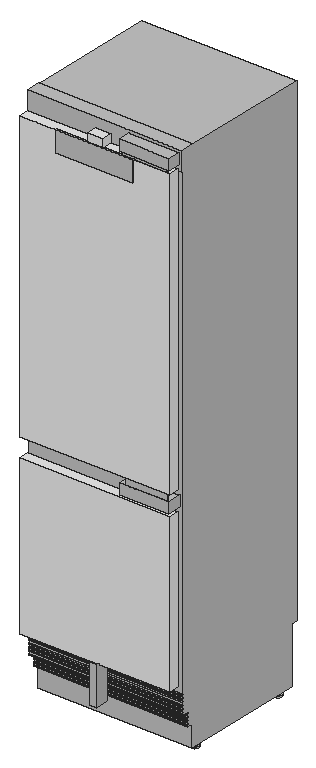
Revit family "FP_Revit_18_RS6121WRUK1_Fridge_90001108A", category Specialty Equipment, Revit 2018 (continued)
Definition of nested family "Handle Contemporary Square - Horizontal"
  Types (7, lengths in mm): name | Handle - Length
    AHD3RS3272A - Contemporary square handle (2 of 2) (Horizontal) 646mm | 646
    AHD3RS80A - Contemporary square handle (2 of 2) (Horizontal) 646mm | 646
    AHD3RD6121W - Contemporary square handle (2 of 2) (Horizontal) 494mm | 494
    AHD3RD7621W - Contemporary square handle (2 of 2) (Horizontal) 646mm | 646
  Reference planes
    plane 1 "Center (Front/Back)": y = 0
    plane 2: z = 0
    plane 3 "Center (Left/Right)": x = 0
    plane 4 "Product LHS": x = -323
    plane 5 "Product RHS": x = 323
    plane 6 "LHS Standoff": x = -202.995
    plane 7 "RHS Standoff": x = 203.005
  Forms (mm)
    Extrusion 1, solid, material <- "Material - Handle", detail levels fine
      sketch origin (0, 0, 0) x (0, 1, 0) y (0, 0, 1)
        loop
          arc (-28.701, 7.561) -> (-29.057, 7.868) -> (-29.514, 7.978) r 1
          line (-29.514, 7.978) -> (-40.5, 7.978)
          arc (-40.5, 7.978) -> (-41.561, 7.539) -> (-42, 6.478) r 1.5
          line (-42, 6.478) -> (-42, -6.522)
          arc (-42, -6.522) -> (-41.561, -7.583) -> (-40.5, -8.022) r 1.5
          line (-40.5, -8.022) -> (-29.487, -8.022)
          arc (-29.487, -8.022) -> (-29.029, -7.911) -> (-28.673, -7.602) r 1
          arc (-28.673, -7.602) -> (-26.256, -0.016) -> (-28.701, 7.561) r 13.038
      from -323 to 323
    Extrusion 2, solid, material <- "Material - Handle", detail levels fine
      sketch origin (0, 0, 0) x (0, 1, 0) y (0, 0, 1)
        loop
          arc (-28.23, 7.062) -> (-26.156, 0.008) -> (-28.198, -7.056) r 13.136
          arc (-28.198, -7.056) -> (-28.21, -7.463) -> (-27.86, -7.67) r 0.4
          line (-27.86, -7.67) -> (0, -7.67) -> (0, 7.678) -> (-27.893, 7.678)
          arc (-27.893, 7.678) -> (-28.244, 7.47) -> (-28.23, 7.062) r 0.4
      from 203.005 to 323
    Extrusion 3, solid, material <- "Material - Handle", detail levels fine
      sketch origin (0, 0, 0) x (0, 1, 0) y (0, 0, -1)
        loop
          arc (-28.23, -7.062) -> (-28.244, -7.47) -> (-27.893, -7.678) r 0.4
          line (-27.893, -7.678) -> (0, -7.678) -> (0, 7.67) -> (-27.86, 7.67)
          arc (-27.86, 7.67) -> (-28.21, 7.463) -> (-28.198, 7.056) r 0.4
          arc (-28.198, 7.056) -> (-26.156, -0.008) -> (-28.23, -7.062) r 13.136
      from 202.995 to 323
    Sweep 4, void
      path in 3D
        loop
          line (323, -29.514, 7.978) -> (323, -40.5, 7.978)
          arc (323, -40.5, 7.978) -> (323, -41.561, 7.539) -> (323, -42, 6.478) r 1.5
          line (323, -42, 6.478) -> (323, -42, -6.522)
          arc (323, -42, -6.522) -> (323, -41.561, -7.583) -> (323, -40.5, -8.022) r 1.5
          line (323, -40.5, -8.022) -> (323, -29.487, -8.022)
      profile origin (323, -35.007, 7.978) x (1, 0, 0) y (0, 0, 1)
        loop
          line (0, 0) -> (-1.3, 0) -> (0, -1.3) -> (0, 0)
    Sweep 5, void
      path in 3D
        loop
          line (-323, -29.487, -8.022) -> (-323, -40.5, -8.022)
          arc (-323, -40.5, -8.022) -> (-323, -41.561, -7.583) -> (-323, -42, -6.522) r 1.5
          line (-323, -42, -6.522) -> (-323, -42, 6.478)
          arc (-323, -42, 6.478) -> (-323, -41.561, 7.539) -> (-323, -40.5, 7.978) r 1.5
          line (-323, -40.5, 7.978) -> (-323, -29.514, 7.978)
      profile origin (-323, -35.007, 7.978) x (-1, 0, 0) y (0, 0, 1)
        loop
          line (0, 0) -> (-1.3, 0) -> (0, -1.3) -> (0, 0)
    Extrusion 6, void
      sketch origin (0, 0, 0) x (1, 0, 0) y (0, 0, 1)
        loop
          line (323, 7.978) -> (321.7, 7.978) -> (323, 6.678) -> (323, 7.978)
        loop
          line (323, -8.022) -> (323, -6.722) -> (321.7, -8.022) -> (323, -8.022)
      from 0 to 40
    Extrusion 7, void
      sketch origin (0, 0, 0) x (1, 0, 0) y (0, 0, 1)
        loop
          line (-323, 7.978) -> (-323, 6.678) -> (-321.7, 7.978) -> (-323, 7.978)
        loop
          line (-323, -8.022) -> (-321.7, -8.022) -> (-323, -6.722) -> (-323, -8.022)
      from 0 to 40
    Extrusion 8, solid, material <- "Material - Handle", detail levels coarse+medium
      sketch origin (0, 0, 0) x (1, 0, 0) y (0, 1, 0)
        loop
          line (-323, -42) -> (323, -42) -> (323, 0) -> (203.005, 0) -> (203.005, -26.156) -> (-202.995, -26.156) -> (-202.995, 0) -> (-323, 0) -> (-323, -42)
      from -8.022 to 7.978
  Cuts and joins
    Sweep 4, Sweep 5, Extrusion 6, Extrusion 7 cuts Extrusion 1
    Extrusion 6 cuts Extrusion 2
    Extrusion 7 cuts Extrusion 3
  Lines and regions (mm)
    sketch lines
      curve 1: line (323, -29.514, 7.978) -> (323, -40.5, 7.978)
      curve 2: arc (323, -42, 6.478) -> (323, -41.561, 7.539) -> (323, -40.5, 7.978) r 1.5
      curve 3: line (323, -42, 6.478) -> (323, -42, -6.522)
      curve 4: arc (323, -40.5, -8.022) -> (323, -41.561, -7.583) -> (323, -42, -6.522) r 1.5
      curve 5: line (323, -40.5, -8.022) -> (323, -29.487, -8.022)
      curve 6: line (-323, -40.5, 7.978) -> (-323, -29.514, 7.978)
      curve 7: arc (-323, -40.5, 7.978) -> (-323, -41.561, 7.539) -> (-323, -42, 6.478) r 1.5
      curve 8: line (-323, -42, -6.522) -> (-323, -42, 6.478)
      curve 9: arc (-323, -42, -6.522) -> (-323, -41.561, -7.583) -> (-323, -40.5, -8.022) r 1.5
      curve 10: line (-323, -29.487, -8.022) -> (-323, -40.5, -8.022)
  Dimensions and locks
    equal spacing: plane 4 "Product LHS", plane 3 "Center (Left/Right)", plane 5 "Product RHS"
    "Handle - Length": plane 4 "Product LHS" to plane 5 "Product RHS"
    locked: plane 4 "Product LHS" to plane 6 "LHS Standoff" at 120.005
    locked: plane 7 "RHS Standoff" to plane 5 "Product RHS" at 119.995
    aligned and locked: level to plane 2
    aligned and locked: Extrusion 1 to plane 5 "Product RHS"
    aligned and locked: plane 4 "Product LHS" to Extrusion 1
    aligned and locked: Extrusion 2 to plane 5 "Product RHS"
    aligned and locked: plane 4 "Product LHS" to Extrusion 3
    aligned and locked: plane 4 "Product LHS" to Extrusion 8 sketch curve
    aligned and locked: Extrusion 8 sketch curve to plane 5 "Product RHS"
    aligned and locked: Extrusion 8 sketch curve to plane 7 "RHS Standoff"
    aligned and locked: plane 6 "LHS Standoff" to Extrusion 8 sketch curve
    aligned and locked: Extrusion 2 to plane 7 "RHS Standoff"
    aligned and locked: plane 6 "LHS Standoff" to Extrusion 3
  Automatic sketch dimensions
    Extrusion 1 sketch curve to level = 6.522 mm
    plane 1 "Center (Front/Back)" to Extrusion 1 sketch curve = 42 mm
    Extrusion 1 sketch curve to Extrusion 1 sketch curve = 1.5 mm  (x2)
    Extrusion 1 sketch curve to level = 0.04 mm
    Extrusion 1 sketch curve to Extrusion 1 sketch curve = 1.206 mm
    level to Extrusion 1 sketch curve = 6.978 mm
    Extrusion 1 sketch curve to Extrusion 1 sketch curve = 10.986 mm
    Extrusion 1 sketch curve to Extrusion 1 sketch curve = 11.013 mm
    Extrusion 1 sketch curve to Extrusion 1 sketch curve = 1 mm
    level to Extrusion 1 sketch curve = 6.478 mm
    Extrusion 1 sketch curve to Extrusion 1 sketch curve = 0 mm
    Extrusion 2 sketch curve to plane 1 "Center (Front/Back)" = 0 mm
    Extrusion 2 sketch curve to level = 7.67 mm
    Extrusion 2 sketch curve to Extrusion 2 sketch curve = 27.86 mm
    level to Extrusion 2 sketch curve = 7.678 mm
    Extrusion 2 sketch curve to Extrusion 2 sketch curve = 0.033 mm
    Extrusion 2 sketch curve to level = 0.022 mm
    Extrusion 2 sketch curve to Extrusion 2 sketch curve = 11.398 mm
    Extrusion 2 sketch curve to Extrusion 2 sketch curve = 0.4 mm  (x2)
    Extrusion 2 sketch curve to Extrusion 2 sketch curve = 0 mm
    Extrusion 3 sketch curve to plane 1 "Center (Front/Back)" = 0 mm
    Extrusion 3 sketch curve to level = 7.67 mm
    Extrusion 3 sketch curve to Extrusion 3 sketch curve = 27.86 mm
    level to Extrusion 3 sketch curve = 7.678 mm
    Extrusion 3 sketch curve to Extrusion 3 sketch curve = 0.033 mm
    Extrusion 3 sketch curve to level = 0.022 mm
    Extrusion 3 sketch curve to Extrusion 3 sketch curve = 11.398 mm
    Extrusion 3 sketch curve to Extrusion 3 sketch curve = 0.4 mm  (x2)
    Extrusion 3 sketch curve to Extrusion 3 sketch curve = 0 mm
    profile plane to Sweep 4 sketch curve = 0 mm
    Sweep 4 sketch curve to profile plane = 0 mm
    Sweep 4 sketch curve to profile plane = 1.3 mm
    profile plane to Sweep 4 sketch curve = 1.3 mm
    Sweep 5 sketch curve to profile plane = 0 mm  (x2)
    profile plane to Sweep 5 sketch curve = 1.3 mm
    Sweep 5 sketch curve to profile plane = 1.3 mm
    plane 5 "Product RHS" to Extrusion 6 sketch curve = 0 mm  (x2)
    Extrusion 6 sketch curve to Extrusion 6 sketch curve = 1.3 mm  (x4)
    Extrusion 6 sketch curve to level = 6.722 mm
    level to Extrusion 6 sketch curve = 6.678 mm
    plane 4 "Product LHS" to Extrusion 7 sketch curve = 0 mm  (x2)
    Extrusion 7 sketch curve to plane 4 "Product LHS" = 1.3 mm  (x2)
    Extrusion 7 sketch curve to level = 8.022 mm
    level to Extrusion 7 sketch curve = 6.678 mm
    Extrusion 7 sketch curve to Extrusion 7 sketch curve = 1.3 mm  (x2)
    plane 1 "Center (Front/Back)" to Extrusion 8 sketch curve = 0 mm  (x2)
    Extrusion 8 sketch curve to Extrusion 8 sketch curve = 26.156 mm
    Extrusion 8 sketch curve to Extrusion 8 sketch curve = 42 mm
Definition of nested family "F&P Handle Kit - Contemporary Square Fine - Horizontal"
  Parameters (values of type "AHD5RD2484W - Contemporary square fine handle (2 of 2) (Horizontal) 494mm")
    URL = "www.fisherpaykel.com"
    Material - Handle = none
    Manufacturer = "Fisher & Paykel Appliances"
    Handle - Length = 494 mm
  Types (15, lengths in mm): name | Handle - Length
    (no name) | 494
    AHD5RD2484W - Contemporary square fine handle (2 of 2) (Horizontal) 494mm | 494
    AHD5RD2484WB - Contemporary square fine black handle (2 of 2) (Horizontal) 494mm | 494
    AHD5RD3084W - Contemporary square fine handle (2 of 2) (Horizontal) 646mm | 646
    AHD5RD3084WB - Contemporary square fine black handle (2 of 2) (Horizontal) 646mm | 646
    AHD5RD7621W - Contemporary square fine handle (2 of 2) (Horizontal) 646mm | 646
    AHD5RD7621WB - Contemporary square fine handle black (2 of 2) (Horizontal) 646mm | 646
    AHD5RD6121W - Contemporary square fine handle (2 of 2) (Horizontal) 494mm | 494
    AHD5RD6121WB - Contemporary square fine handle black (2 of 2) (Horizontal) 494mm | 494
    AHD5RD36A - Contemporary square fine handle (2 of 2) (Horizontal) 746mm | 746
    AHD5RD36AB - Contemporary square fine black handle (2 of 2) (Horizontal) 746mm | 746
    AHD5RD90A - Contemporary square fine handle (2 of 2) (Horizontal) 746mm | 746
    AHD5RD80A - Contemporary square fine handle (2 of 2) (Horizontal) 646mm | 646
    AHD5RD80AB - Contemporary square fine black handle (2 of 2) (Horizontal) 646mm | 646
    AHD5RD90AB - Contemporary square fine black handle (2 of 2) (Horizontal) 746mm | 746
  Reference planes
    plane 1 "Center (Front/Back)": y = 0
    plane 2: z = 0
    plane 3 "Center (Left/Right)": x = 0
    plane 4 "Product LHS": x = -247
    plane 5 "Product RHS": x = 247
    plane 6 "LHS Standoff": x = -126.995
    plane 7 "RHS Standoff": x = 127.005
  Forms (mm)
    Extrusion 1, solid, material <- "Material - Handle", detail levels fine
      sketch origin (0, 0, 0) x (0, 1, 0) y (0, 0, 1)
        loop
          arc (-26.813, 6.16) -> (-27.196, 6.554) -> (-27.728, 6.686) r 1
          line (-27.728, 6.686) -> (-40.035, 6.256)
          arc (-40.035, 6.256) -> (-40.719, 5.951) -> (-41, 5.257) r 1
          line (-41, 5.257) -> (-41, -5.257)
          arc (-41, -5.257) -> (-40.719, -5.951) -> (-40.035, -6.256) r 1
          line (-40.035, -6.256) -> (-27.709, -6.686)
          arc (-27.709, -6.686) -> (-27.175, -6.554) -> (-26.792, -6.158) r 1
          arc (-26.792, -6.158) -> (-25.256, 0.004) -> (-26.813, 6.16) r 13.038
      from -247 to 247
    Extrusion 2, solid, material <- "Material - Handle", detail levels fine
      sketch origin (0, 0, 0) x (0, 1, 0) y (0, 0, 1)
        loop
          arc (-26.626, -6.008) -> (-26.614, -6.49) -> (-26.2, -6.737) r 0.5
          line (-26.2, -6.737) -> (0, -7.696) -> (0, 7.704) -> (-26.174, 6.747)
          arc (-26.174, 6.747) -> (-26.587, 6.5) -> (-26.6, 6.019) r 0.5
          arc (-26.6, 6.019) -> (-25.156, 0.002) -> (-26.626, -6.008) r 13.136
      from 127.005 to 247
    Extrusion 3, solid, material <- "Material - Handle", detail levels coarse+medium
      sketch origin (0, 0, 0) x (1, 0, 0) y (0, 1, 0)
        loop
          line (-247, -42) -> (247, -42) -> (247, 0) -> (127.005, 0) -> (127.005, -26.156) -> (-126.995, -26.156) -> (-126.995, 0) -> (-247, 0) -> (-247, -42)
      from -8.022 to 7.978
    Extrusion 4, solid, material <- "Material - Handle", detail levels fine
      sketch origin (0, 0, 0) x (0, 1, 0) y (0, 0, 1)
        loop
          arc (-26.626, -6.008) -> (-26.614, -6.49) -> (-26.2, -6.737) r 0.5
          line (-26.2, -6.737) -> (0, -7.696) -> (0, 7.704) -> (-26.174, 6.747)
          arc (-26.174, 6.747) -> (-26.587, 6.5) -> (-26.6, 6.019) r 0.5
          arc (-26.6, 6.019) -> (-25.156, 0.002) -> (-26.626, -6.008) r 13.136
      from -247 to -126.995
  Dimensions and locks
    equal spacing: plane 4 "Product LHS", plane 3 "Center (Left/Right)", plane 5 "Product RHS"
    "Handle - Length": plane 4 "Product LHS" to plane 5 "Product RHS"
    locked: plane 4 "Product LHS" to plane 6 "LHS Standoff" at 120.005
    locked: plane 7 "RHS Standoff" to plane 5 "Product RHS" at 119.995
    aligned and locked: level to plane 2
    aligned and locked: Extrusion 1 to plane 5 "Product RHS"
    aligned and locked: plane 4 "Product LHS" to Extrusion 1
    aligned and locked: Extrusion 2 to plane 5 "Product RHS"
    aligned and locked: plane 4 "Product LHS" to Extrusion 3 sketch curve
    aligned and locked: Extrusion 3 sketch curve to plane 5 "Product RHS"
    aligned and locked: Extrusion 3 sketch curve to plane 7 "RHS Standoff"
    aligned and locked: plane 6 "LHS Standoff" to Extrusion 3 sketch curve
    aligned and locked: plane 4 "Product LHS" to Extrusion 4
    aligned and locked: plane 6 "LHS Standoff" to Extrusion 4
    aligned and locked: Extrusion 2 to plane 7 "RHS Standoff"
  Automatic sketch dimensions
    Extrusion 1 sketch curve to level = 5.257 mm
    plane 1 "Center (Front/Back)" to Extrusion 1 sketch curve = 41 mm
    level to Extrusion 1 sketch curve = 6.256 mm
    Extrusion 1 sketch curve to Extrusion 1 sketch curve = 0.965 mm  (x2)
    Extrusion 1 sketch curve to level = 6.256 mm
    Extrusion 1 sketch curve to Extrusion 1 sketch curve = 0.035 mm  (x3)
    Extrusion 1 sketch curve to level = 0.018 mm
    Extrusion 1 sketch curve to Extrusion 1 sketch curve = 1.706 mm
    level to Extrusion 1 sketch curve = 6.686 mm
    Extrusion 1 sketch curve to Extrusion 1 sketch curve = 12.307 mm
    Extrusion 1 sketch curve to level = 6.686 mm
    Extrusion 1 sketch curve to Extrusion 1 sketch curve = 12.326 mm
    Extrusion 1 sketch curve to Extrusion 1 sketch curve = 0.999 mm  (x2)
    Extrusion 1 sketch curve to Extrusion 1 sketch curve = 0 mm
    Extrusion 2 sketch curve to plane 1 "Center (Front/Back)" = 0 mm
    level to Extrusion 2 sketch curve = 6.247 mm
    plane 1 "Center (Front/Back)" to Extrusion 2 sketch curve = 26.155 mm
    level to Extrusion 2 sketch curve = 6.747 mm
    Extrusion 2 sketch curve to Extrusion 2 sketch curve = 0.018 mm  (x2)
    Extrusion 2 sketch curve to level = 6.238 mm
    Extrusion 2 sketch curve to Extrusion 2 sketch curve = 0.026 mm
    Extrusion 2 sketch curve to level = 6.737 mm
    level to Extrusion 2 sketch curve = 0.03 mm
    Extrusion 2 sketch curve to Extrusion 2 sketch curve = 12.11 mm
    Extrusion 2 sketch curve to level = 7.696 mm
    level to Extrusion 2 sketch curve = 7.704 mm
    Extrusion 2 sketch curve to Extrusion 2 sketch curve = 0 mm
    plane 1 "Center (Front/Back)" to Extrusion 3 sketch curve = 42 mm
    Extrusion 3 sketch curve to Extrusion 3 sketch curve = 15.844 mm
    Extrusion 3 sketch curve to Extrusion 3 sketch curve = 26.156 mm  (x2)
    level to Extrusion 4 sketch curve = 0.03 mm
    plane 1 "Center (Front/Back)" to Extrusion 4 sketch curve = 38.291 mm
    Extrusion 4 sketch curve to level = 6.737 mm
    Extrusion 4 sketch curve to Extrusion 4 sketch curve = 12.091 mm
    Extrusion 4 sketch curve to Extrusion 4 sketch curve = 0.018 mm  (x2)
    level to Extrusion 4 sketch curve = 6.747 mm
    Extrusion 4 sketch curve to Extrusion 4 sketch curve = 0.008 mm
    level to Extrusion 4 sketch curve = 7.704 mm
    Extrusion 4 sketch curve to Extrusion 4 sketch curve = 26.174 mm
    Extrusion 4 sketch curve to level = 7.696 mm
    Extrusion 4 sketch curve to Extrusion 4 sketch curve = 0.5 mm  (x2)
    Extrusion 4 sketch curve to Extrusion 4 sketch curve = 0 mm
Definition of nested family "Visibility Control Note 18"
  Types (3): name
    New
    Resolved
    Active
  Reference planes
    plane 1: y = 0
    plane 2: x = 0
  Text (mm)
    text "Edit Type: \nTo control handle kit \nand door panel visibility\n options\n\nDelete unwanted kits \nto reduce file size" at (-0.165, 35.556, 0)
